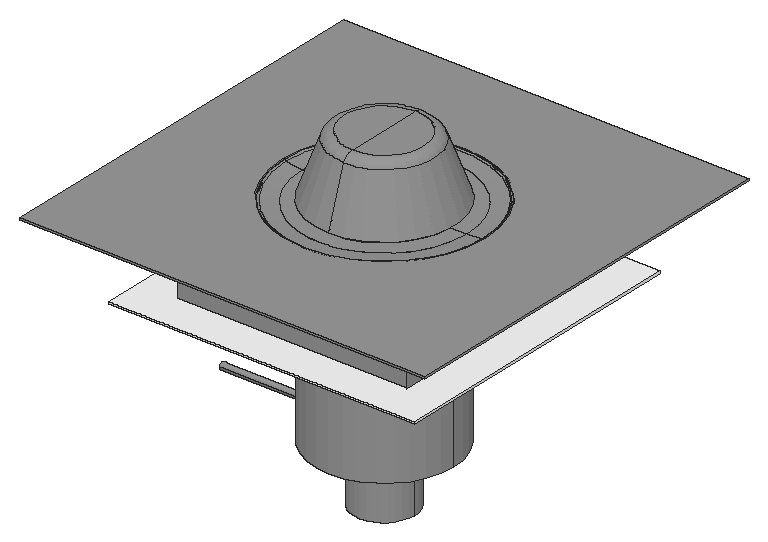
Revit family "HL_RU_Roof drain_HL63.1H-B-221103", category Sanitärinstallationen, Revit 2020
Family settings
  Bemaßung runder Anschluss = Durchmesser verwenden
  Teiletyp = Normal
  OmniClass-Nummer = 23.70.50.21.24.14
  OmniClass-Titel = Deck Waste Water Drains
  Arbeitsebenenbasiert = Nein
  Immer vertikal = Ja
  Beim Laden mit Abzugskörper schneiden = Nein
  Gemeinsam genutzt = Nein
  Raumberechnungspunkt = Ja
Parameters (values of type "HL_Кровельная воронка_HL63.1H_7")
  РЕШЁТКА = "Laubfangkorb d 145 mm"
  РАЗМЕР = "DN75"
  ПРОПУСКНАЯ СПОСОБНОСТЬ [instance] = 0.0 L/s
  ПРОИЗВОДИТЕЛЬНОСТЬ = "8,6 l/s"
  ПРАВОВАЯ ИНФОРМАЦИЯ = "Авторские права(©), права на дизайн или какие либо другие права интелектуальной собственности являются исключительной собственностью компании HL Hutterer & Lechner. Изменению не подлежит. Файл семейства с данными о прозводителе изделия защищен паролем с водяным знаком."
  НОМИНАЛЬНЫЙ ДИАМЕТР = 75 mm
  МАТЕРИАЛ = "PP"
  ВЫСОТА МОНТАЖА = "266_326 mm"
  ВЕС = "3,69 [kg]"
  Vorgabe-Ansicht = 0 mm
  Hersteller = "HL Hutterer & Lechner GmbH"  # constant formula
  URL = "http://www.hutterer-lechner.com/ru/products/catalog/roof-drains/HL63.1H/7.aspx"
  Материал плитка [instance] = none
  Lüftungsverbindung = no
  Abwasserrohrverbindung = yes
  HW-Verbindung = no
  KW-Verbindung = no
  Beschreibung = "Кровельные воронки"
  Model = "HL63.1H_7"
  Assembly Code = " "
  Typenkommentare = "HL63.1H/7 Кровельная воронка DrainBox DN75 с битумным полотном и подогревом (10_30Вт/230В).,"
  Keynote = "HL63.1H_7"
  Bысота монтажа [instance] = 100 mm  # constant formula
  G [instance] = 180.00°  # constant formula
  EAN = "9003076806331"
  D [instance] = 238 mm  # constant formula
  C [instance] = if(Bысота монтажа - 68 mm < 0 mm, 0 mm, Bысота монтажа - 68 mm)  # 32 mm
  B [instance] = 100 mm  # constant formula
  A [instance] = if(B - 100 mm > 15 mm, B - 100 mm, 15 mm)  # 15 mm
Types (4, lengths in mm): name | РАЗМЕР | ПРОИЗВОДИТЕЛЬНОСТЬ | НОМИНАЛЬНЫЙ ДИАМЕТР | ВЫСОТА МОНТАЖА | ВЕС | URL | Model | Typenkommentare | Keynote | EAN
  (no name) | "DN75" | "8,6 l/s" | 75 | "266_326 mm" | "3,69 [kg]" | "http://www.hutterer-lechner.com/ru/products/catalog/roof-drains/HL63.1H/7.aspx" | "HL63.1H_7" | "HL63.1H/7 Кровельная воронка DrainBox DN75 с битумным полотном и подогревом (10_30Вт/230В).," | "HL63.1H_7" | "9003076806331"
  HL_Кровельная воронка_HL63.1H_1 | "DN110" | "8,7 l/s" | 110 | "266-326 mm" | "3,71 [kg]" | "http://www.hutterer-lechner.com/ru/products/catalog/roof-drains/HL63.1H/1.aspx" | "HL63.1H_1" | "HL63.1H/1 Кровельная воронка DrainBox DN110 с битумным полотном и подогревом (10-30Вт/230В).," | "HL63.1H_1" | "9003076816330"
  HL_Кровельная воронка_HL63.1H_2 | "DN125" | "12,2 l/s" | 125 | "266_326 mm" | "3,73 [kg]" | "http://www.hutterer-lechner.com/ru/products/catalog/roof-drains/HL63.1H/2.aspx" | "HL63.1H_2" | "HL63.1H/2 Кровельная воронка DrainBox DN125 с битумным полотном и подогревом (10_30Вт/230В).," | "HL63.1H_2" | "9003076826339"
  HL_Кровельная воронка_HL63.1H_7 | "DN75" | "8,6 l/s" | 75 | "266_326 mm" | "3,69 [kg]" | "http://www.hutterer-lechner.com/ru/products/catalog/roof-drains/HL63.1H/7.aspx" | "HL63.1H_7" | "HL63.1H/7 Кровельная воронка DrainBox DN75 с битумным полотном и подогревом (10_30Вт/230В).," | "HL63.1H_7" | "9003076806331"
Reference planes
  plane 1 "Center (Front/Back)": y = 0
  plane 2: z = 0
  plane 3 "Center (Left/Right)": x = 0
  plane 4: z = -100
  plane 5: z = -100
Lines and regions (mm)
  model lines, style "InvisibleLines"
    curve 1: line (0, 0, 0) -> (0, 0, 20)
  model lines, style "PlumbingFixtures", detail levels coarse+medium
    curve 2: line (0, 0, -100) -> (0, 0, -85)
    curve 3: line (0, 0, -85) -> (-85, 0, 0)
    curve 4: line (0, 0, -85) -> (85, 0, 0)
    curve 6: line (0, 0, -100) -> (0, 0, -338)
  reference lines, not visible
    curve 5: line (0, 0, -100) -> (0, 0, -338)
  symbolic lines, style "PlumbingFixtures", detail levels coarse+medium
    curve 7: line (-75, 75, 0) -> (75, 75, 0)
    curve 8: line (-75, -75, 0) -> (-75, 75, 0)
    curve 9: line (75, -75, 0) -> (-75, -75, 0)
    curve 10: line (75, 75, 0) -> (75, -75, 0)
    curve 11: line (-75, 75, 0) -> (-145.711, 145.711, 0)
    curve 12: line (75, 75, 0) -> (145.711, 145.711, 0)
    curve 13: line (-75, -75, 0) -> (-145.711, -145.711, 0)
    curve 14: line (75, -75, 0) -> (145.711, -145.711, 0)
  symbolic lines, style "PlumbingFixtures", not visible, detail levels coarse+medium
    curve 15: line (-75, 75, 0) -> (75, 75, 0)
    curve 16: line (-75, -75, 0) -> (-75, 75, 0)
    curve 17: line (75, -75, 0) -> (-75, -75, 0)
    curve 18: line (75, 75, 0) -> (75, -75, 0)
    curve 19: line (-75, 75, 0) -> (-145.711, 145.711, 0)
    curve 20: line (75, 75, 0) -> (145.711, 145.711, 0)
    curve 21: line (-75, -75, 0) -> (-145.711, -145.711, 0)
    curve 22: line (75, -75, 0) -> (145.711, -145.711, 0)
Text (mm)
  text "FLOOR" at (-162.344, 0, -10.979), in view "Drain Construction View"
Dimensions and locks
  "B": plane 2 to plane 4
  "Bысота монтажа": plane 2 to plane 5
  "A": curve 4 to plane 4
  "D": curve 5 to curve 5
  "D": curve 6 to curve 6
  locked: curve 4 to plane 3 "Center (Left/Right)" (angle 45.00°)
  locked: plane 3 "Center (Left/Right)" to curve 3 (angle 45.00°)
  "G": angle curve 5 to plane 3 "Center (Left/Right)"
  aligned and locked: level to plane 2
  aligned and locked: plane 2 to curve 4
  aligned and locked: plane 2 to curve 3
  aligned and locked: plane 4 to curve 5
  aligned and locked: plane 3 "Center (Left/Right)" to curve 5
  aligned and locked: plane 4 to curve 2
  aligned and locked: curve 6 to plane 3 "Center (Left/Right)"
  aligned and locked: curve 6 to plane 4
  aligned and locked: nested 1 to plane 2
  aligned and locked: nested 1 to plane 3 "Center (Left/Right)"
  aligned and locked: plane 2 to nested 2
  aligned and locked: plane 3 "Center (Left/Right)" to nested 2
Automatic sketch dimensions
  curve 2 to plane 3 "Center (Left/Right)" = 0 mm
  curve 1 to plane 3 "Center (Left/Right)" = 0 mm
  curve 1 to level = 0 mm
  level to curve 1 = 20 mm
Nested families
  nested 1: "HL_кровельные воронки - корпус_HL63.1H" at (0, 0, 0) x (0, -1, 0) z (0, 0, 1), НОМИНАЛЬНЫЙ ДИАМЕТР <- "НОМИНАЛЬНЫЙ ДИАМЕТР", Bысота Монтажа <- "Bысота монтажа", type "HL_кровельные воронки - корпус_HL63.1H"
    with НОМИНАЛЬНЫЙ ДИАМЕТР 75 mm, L2 2.5 mm, L 100 mm, IHmin 266 mm, IHmax 326 mm, Bысота Монтажа 100 mm
  nested 2: "HL_Вспомогательные материалы-Противопожарная защита_HL062.1E" at (0, 0, 0), type "HL_Вспомогательные материалы-Противопожарная защита_HL062.1E"
Connectors
  piping at (0, 0, -338), diameter 75, driven by "ПРОПУСКНАЯ СПОСОБНОСТЬ", driven by "НОМИНАЛЬНЫЙ ДИАМЕТР"
    settings: on curve 5, index 1, connector inside diameter 609.6 mm, connector length 0 mm, flow factor 0, pipe flow 0.0 L/s, pressure drop 0.0 Pa, fitting loss kfactor 0, connector angle 0.00°, fixture units 0, engagement length 0 mm, angle of deflection 0.00°, flow configuration 1, flow direction 2, fitting loss method 0, system type 16, joint type 0, gender type 0, connector reference index -1, connector utility 0, adjustable connector yes, is connector primary yes, connector description ""
Definition of nested family "HL_кровельные воронки - корпус_HL63.1H"
  Parameters (values of type "HL_кровельные воронки - корпус_HL63.1H")
    НОМИНАЛЬНЫЙ ДИАМЕТР [instance] = 125 mm
    Default Elevation = 0 mm
    Manufacturer = ""
    URL = ""
    Description = ""
    Model = ""
    L2 [instance] = if((L = 0 mm), 0 mm, 2.5 mm)  # 2.5 mm
    L [instance] = if(Bысота Монтажа < (IHmin - 166 mm), 0 mm, if(Bысота Монтажа > (IHmax - 166 mm) + 0.1 mm, 0 mm, Bысота Монтажа + 0 mm))  # 100 mm
    Type Comments = ""
    Bысота Монтажа [instance] = 100 mm
    IHmin [instance] = 266 mm
    IHmax [instance] = 326 mm
    Cost = 0
  Reference planes
    plane 1 "Střed (vpředu/vzadu)": y = 0
    plane 2: z = 0
    plane 3 "Střed (vlevo/vpravo)": x = 0
  Forms (mm)
    Revolve 1, solid, detail levels fine
      sketch origin (0, 0, 0) x (0, 1, 0) y (0, 0, 1)
        loop
          line (124.5, -0.329) -> (123.537, -0.329) -> (121.69, -1.439) -> (101.8, -3.529) -> (81.833, -3.529) -> (79.262, -6.488) -> (79.262, -23.842) -> (77.535, -25.829) -> (76.478, -25.829) -> (74.952, -27.355) -> (74.952, -31.329) -> (82.562, -31.329) -> (82.562, -8.75) -> (103.341, -8.75) -> (121.887, -2) -> (124.5, -2) -> (124.5, -0.329)
        axis (0, -0.329) -> (0, -31.329)
      angle from 0 to 360
    Revolve 2, solid, detail levels fine
      sketch origin (0, 0, 0) x (0, 1, 0) y (0, 0, 1)
        loop
          line (0, -272.998) -> (62.859, -272.998) -> (62.859, -267.5) -> (85.586, -267.5) -> (85.586, -31.329) -> (77.87, -31.329) -> (77.719, -39.957) -> (59.416, -81.066) -> (59.416, -99) -> (0, -99) -> (0, -272.998)
        axis (0, -31.329) -> (0, -272.998)
      angle from 0 to 360
    Extrusion 3, solid, detail levels fine
      sketch origin (0, 0, -272.998) x (0, 1, 0) y (1, 0, 0)
        loop
          circle (0, 0) r 62.5
      from 0 to 65
    Extrusion 4, solid, detail levels fine
      sketch origin (0, 0, 0) x (1, 0, 0) y (0, 0, 1)
        loop
          circle (0, -255.316) r 4.172
      from 0 to 200
    Extrusion 5, solid, detail levels fine
      sketch origin (0, 0, 0) x (1, 0, 0) y (0, 1, 0)
        loop
          line (250, -250) -> (250, 250) -> (-250, 250) -> (-250, -250) -> (250, -250)
        loop
          circle (0, 0) r 125
      from 0 to -2
    Extrusion 6, solid, detail levels fine
      sketch origin (0, 0, -2) x (0, 1, 0) y (1, 0, 0)
        loop
          line (-179, -179) -> (179, -179) -> (179, 179) -> (-179, 179) -> (-179, -179)
        loop
          circle (0, -4.172) r 125
      from 0 to 3
    Extrusion 7, solid, detail levels fine
      sketch origin (0, 0, -5) x (-1, 0, 0) y (0, 1, 0)
        loop
          line (142, -142) -> (142, 142) -> (-142, 142) -> (-142, -142) -> (142, -142)
        loop
          line (138.192, 138.058) -> (-138.683, 138.058) -> (-138.683, -138.192) -> (138.192, -138.192) -> (138.192, 138.058)
      from 0 to 94
    Extrusion 8, solid, detail levels fine
      sketch origin (0, 189, -100) x (0, -1, 0) y (1, 0, 0)
        loop
          line (0, -189.442) -> (378.014, -189.442) -> (378.014, 189.132) -> (0, 189.132) -> (0, -189.442)
      from 0 to 2.5 <- "L2"
    Extrusion 9, solid, detail levels fine
      sketch origin (0, 189, -97.5) x (0, -1, 0) y (1, 0, 0)
        loop
          line (327.192, -138.192) -> (327.192, 138.683) -> (50.942, 138.683) -> (50.942, -138.192) -> (327.192, -138.192)
        loop
          line (59.097, 129.452) -> (59.097, -129.537) -> (318.334, -129.537) -> (318.334, 129.452) -> (59.097, 129.452)
      from 0 to 60
  Lines and regions (mm)
    reference lines, not visible
      curve 1: line (0, 189, -100) -> (0, -336, -100)
  Dimensions and locks
    "L": curve 1 to plane 2
    "НОМИНАЛЬНЫЙ ДИАМЕТР": diameter of Extrusion 3 sketch curve
    aligned and locked: level to plane 2
  Automatic sketch dimensions
    Revolve 1 sketch curve to plane 1 "Střed (vpředu/vzadu)" = 0 mm
    Revolve 1 sketch curve to level = 31.329 mm
    Revolve 1 sketch curve to plane 1 "Střed (vpředu/vzadu)" = 74.952 mm
    Revolve 1 sketch curve to level = 25.829 mm
    Revolve 1 sketch curve to Revolve 1 sketch curve = 1.526 mm  (x2)
    Revolve 1 sketch curve to Revolve 1 sketch curve = 1.057 mm
    Revolve 1 sketch curve to level = 6.488 mm
    Revolve 1 sketch curve to Revolve 1 sketch curve = 1.727 mm
    Revolve 1 sketch curve to level = 3.529 mm
    Revolve 1 sketch curve to Revolve 1 sketch curve = 2.572 mm
    Revolve 1 sketch curve to Revolve 1 sketch curve = 3.3 mm
    Revolve 1 sketch curve to Revolve 1 sketch curve = 19.238 mm
    Revolve 1 sketch curve to level = 8.75 mm
    Revolve 1 sketch curve to Revolve 1 sketch curve = 1.541 mm
    Revolve 1 sketch curve to level = 1.439 mm
    Revolve 1 sketch curve to Revolve 1 sketch curve = 18.349 mm
    Revolve 1 sketch curve to Revolve 1 sketch curve = 0.196 mm
    Revolve 1 sketch curve to level = 0.329 mm
    Revolve 1 sketch curve to Revolve 1 sketch curve = 1.846 mm
    Revolve 1 sketch curve to Revolve 1 sketch curve = 0.963 mm
    Revolve 1 sketch curve to Revolve 1 sketch curve = 1.987 mm
    Revolve 1 sketch curve to Revolve 1 sketch curve = 0.561 mm
    Revolve 1 sketch curve to Revolve 1 sketch curve = 268.671 mm
    level to Revolve 1 sketch curve = 300 mm
    Revolve 2 sketch curve to plane 1 "Střed (vpředu/vzadu)" = 0 mm  (x2)
    Revolve 2 sketch curve to plane 1 "Střed (vpředu/vzadu)" = 59.416 mm
    Revolve 2 sketch curve to plane 1 "Střed (vpředu/vzadu)" = 62.859 mm
    Revolve 2 sketch curve to Revolve 2 sketch curve = 18.303 mm
    Revolve 2 sketch curve to Revolve 2 sketch curve = 0.151 mm
    Revolve 2 sketch curve to Revolve 2 sketch curve = 22.727 mm
    Revolve 2 sketch curve to level = 272.998 mm
    Revolve 2 sketch curve to Revolve 2 sketch curve = 5.498 mm
    Revolve 2 sketch curve to level = 99 mm
    Revolve 2 sketch curve to Revolve 2 sketch curve = 17.934 mm
    Revolve 2 sketch curve to level = 39.957 mm
    Revolve 2 sketch curve to Revolve 2 sketch curve = 8.627 mm
    Revolve 2 sketch curve to Revolve 2 sketch curve = 27.002 mm
    level to Revolve 2 sketch curve = 300 mm
    Extrusion 4 sketch curve to plane 3 "Střed (vlevo/vpravo)" = 0 mm
    Extrusion 4 sketch curve to level = 255.316 mm
    plane 1 "Střed (vpředu/vzadu)" to Extrusion 5 sketch curve = 0 mm
    Extrusion 5 sketch curve to plane 3 "Střed (vlevo/vpravo)" = 0 mm
    Extrusion 5 sketch curve to plane 3 "Střed (vlevo/vpravo)" = 250 mm
    plane 3 "Střed (vlevo/vpravo)" to Extrusion 5 sketch curve = 250 mm
    plane 1 "Střed (vpředu/vzadu)" to Extrusion 5 sketch curve = 250 mm
    Extrusion 5 sketch curve to plane 1 "Střed (vpředu/vzadu)" = 250 mm
    Extrusion 5 to Extrusion 6 sketch curve = 71 mm  (x4)
    Extrusion 5 to Extrusion 6 sketch curve = 250 mm
    Extrusion 5 to Extrusion 6 sketch curve = 245.828 mm
    Extrusion 6 to Extrusion 7 sketch curve = 37 mm  (x2)
    Extrusion 7 sketch curve to Extrusion 7 sketch curve = 3.317 mm
    Extrusion 6 to Extrusion 7 sketch curve = 40.808 mm  (x2)
    Extrusion 7 sketch curve to Extrusion 7 sketch curve = 3.808 mm  (x2)
    Extrusion 7 sketch curve to Extrusion 7 sketch curve = 3.942 mm
    curve 1 to Extrusion 8 sketch curve = 0 mm
    Extrusion 8 sketch curve to curve 1 = 189.442 mm
    curve 1 to Extrusion 8 sketch curve = 189.132 mm
    Extrusion 8 sketch curve to curve 1 = 146.986 mm
    Extrusion 9 sketch curve to Extrusion 8 = 50.942 mm
    Extrusion 9 sketch curve to Extrusion 9 sketch curve = 8.155 mm
    Extrusion 9 sketch curve to Extrusion 8 = 59.68 mm  (x2)
    Extrusion 9 sketch curve to Extrusion 9 sketch curve = 8.858 mm
    Extrusion 9 sketch curve to Extrusion 8 = 51.25 mm
    Extrusion 9 sketch curve to Extrusion 9 sketch curve = 8.655 mm
    Extrusion 9 sketch curve to Extrusion 9 sketch curve = 9.231 mm
    Extrusion 3 sketch curve to Revolve 2 = 0 mm
    plane 1 "Střed (vpředu/vzadu)" to curve 1 = 336 mm
    curve 1 to plane 1 "Střed (vpředu/vzadu)" = 189 mm
    radius of Extrusion 4 sketch curve = 4.172 mm
    radius of Extrusion 5 sketch curve = 125 mm
    radius of Extrusion 6 sketch curve = 125 mm
Definition of nested family "HL_Вспомогательные материалы-Противопожарная защита_HL062.1E"
  Parameters
    ПРАВОВАЯ ИНФОРМАЦИЯ = ""
    ВЕС = "0,097 [kg]"
    Default Elevation = 0 mm
    Manufacturer = ""
    URL = ""
    Материал плитка = none
    Description = ""
    Model = ""
    Type Comments = "HL062.1E, domed plastic grate"
    Keynote = ""
    Пропускная способность [instance] = 0.0 L/s
    EAN = "9003076006212"
    Cost = 0
  Types (2, lengths in mm): name | ПРАВОВАЯ ИНФОРМАЦИЯ | Manufacturer | URL | Description | Model | Type Comments | Keynote
    (no name) | "" | "" | "" | "" | "" | "HL062.1E, domed plastic grate" | ""
    HL_Вспомогательные материалы-Противопожарная защита_HL062.1E | "Авторские права(©), права на дизайн или какие либо другие права интелектуальной собственности являются исключительной собственностью компании HL Hutterer & Lechner. Изменению не подлежит. Файл семейства с данными о прозводителе изделия защищен паролем с водяным знаком." | "HL Hutterer & Lechner GmbH" | "http://www.hutterer-lechner.com/ru/products/catalog/roof-drains/HL062.1E.aspx" | "Кровельные воронки" | "HL062.1E" | "HL062.1E, Листвоуловитель" | "HL062.1E"
  Reference planes
    plane 1 "Střed (vpředu/vzadu)": y = 0
    plane 2: z = 0
    plane 3 "Střed (vlevo/vpravo)": x = 0
  Forms (mm)
    Revolve 1, solid, detail levels fine
      sketch origin (0, 0, 0) x (0, 1, 0) y (0, 0, 1)
        loop
          line (0, 75) -> (0, 60.2) -> (47.074, 60.2) -> (68.985, 0) -> (86.249, 0) -> (61.992, 66.646)
          arc (61.992, 66.646) -> (56.733, 72.731) -> (49.016, 75) r 14.255
          line (49.016, 75) -> (0, 75)
        axis (0, 75) -> (0, 0)
      angle from 0 to 360
    Extrusion 2, solid, detail levels fine
      sketch origin (0, 0, 0) x (0, 1, 0) y (1, 0, 0)
        loop
          circle (0, 0) r 78.587
        loop
          circle (0, 0) r 70.981
      from 0 to 16.7
    Extrusion 3, solid, detail levels fine
      sketch origin (0, 0, -16.7) x (-1, 0, 0) y (0, 1, 0)
        loop
          circle (0, 0) r 70
        loop
          circle (0, 0) r 74.546
      from 0 to 12.3
  Dimensions and locks
    aligned and locked: level to plane 2
